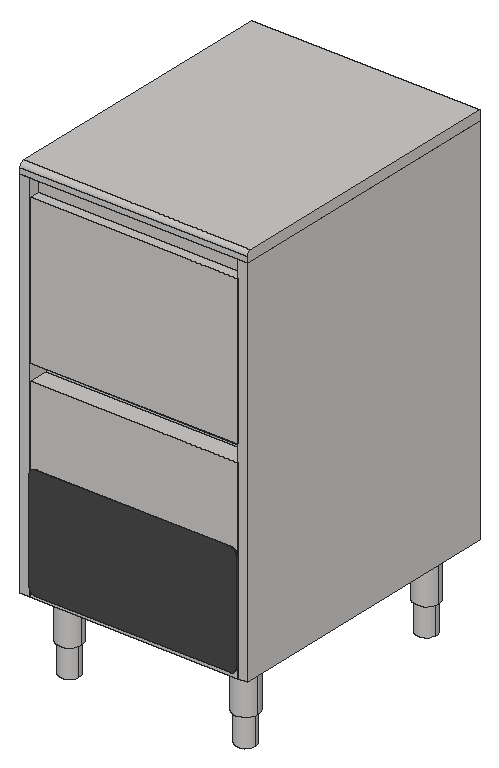
Revit family "QF_ELECTROLUXPROFESSIONAL_730320_ICB37I20SDP", category Attrezzature speciali, Revit 2018
Family settings
  Quota connettore circolare = Usa diametro
  Tipo di parte = Normale
  Basato su piano di lavoro = No
  Sempre verticale = Sì
  Taglio con vuoti quando caricato = No
  Condiviso = No
  Punto di calcolo locali = No
Parameters (values of type "Standard")
  Weight = 45.00 kg
  Watts = 1000 W
  Volts = 220 V
  URL Manufacturer = "https://www.electroluxprofessional.com/"
  URL = "https://www.electroluxprofessional.com/"
  Steam Supply Size = 0 mm
  Steam Supply Minimum Pressure = 0.0 Pa
  Steam Supply Maximum Pressure = 0.0 Pa
  Steam Pounds per Hour = 0
  Show Logo [instance] = yes
  Show Clearance [instance] = yes
  Refrigeration Suction Line Size = 0 mm
  Refrigeration Liquid Line Size = 0 mm
  Refrigerant Compressor Remote = yes
  Produttore = "Electrolux Professional"
  Phase = 1
  Modello = "ICB37I20SDP"
  Length Actual = 465 mm  # constant formula
  Item Number = "730320"
  Hot Water Size = 0 mm
  Height Actual = 894 mm  # constant formula
  HP = "1.3 HP"
  Gas Size = 0 mm
  Gas KW = 0
  Gas Input Pressure = 0 W
  Descrizione = "AIR COOLED ICE CUBER 22GR 37KG/24H-BIN 20KG DRAIN PUMP"
  Depth Actual = 595 mm  # constant formula
  Cycle = 50 Hz
  Condensate Return Size = 0 mm
  Compressed Air Volume = 0.0 L/s
  Compressed Air Size = 0 mm
  Compressed Air Pressure = 0.0 Pa
  Cold Water Size = 19.05 mm
  Accessory = yes
Reference planes
  plane 1 "Center X": y = 272.851
  plane 2: z = 0
  plane 3 "Center Y": x = -501.5
  plane 4 "LEFT": x = -734
  plane 5 "RIGHT": x = -269
  plane 6 "FRONT": y = -24.149
  plane 7 "BACK": y = 569.851
  plane 8: z = 155
  plane 9: z = 944
  plane 10: z = 924
  plane 11: x = -714
  plane 12: x = -289
  plane 13: y = 15.851
Forms (mm)
  Extrusion 1, solid, material "QF_Finishes_Black"
    sketch origin (-217.296, -24.149, 371.513) x (-1, 0, 0) y (0, 0, -1)
      loop
        arc (481.704, -21.487) -> (492.311, -17.093) -> (496.704, -6.487) r 15
        line (496.704, -6.487) -> (496.704, 194.469)
        arc (496.704, 194.469) -> (492.311, 205.075) -> (481.704, 209.469) r 15
        line (481.704, 209.469) -> (86.704, 209.469)
        arc (86.704, 209.469) -> (76.097, 205.075) -> (71.704, 194.469) r 15
        line (71.704, 194.469) -> (71.704, -6.487)
        arc (71.704, -6.487) -> (76.097, -17.093) -> (86.704, -21.487) r 15
        line (86.704, -21.487) -> (481.704, -21.487)
    from 0 to 2
  Extrusion 2, solid, material "QF_Finishes_Stainless Steel"
    sketch origin (-501.5, 0, 0) x (0, 1, 0) y (0, 0, 1)
      loop
        line (569.851, 924) -> (569.851, 944) -> (-14.149, 944)
        arc (-14.149, 944) -> (-21.22, 941.071) -> (-24.149, 934) r 10
        line (-24.149, 934) -> (-24.149, 924) -> (569.851, 924)
    from -232.5 to 232.5
  Extrusion 3, solid, material "QF_Finishes_Stainless Steel"
    sketch origin (-321.2, 569.851, -329.545) x (1, 0, 0) y (0, 0, -1)
      loop
        circle (-16.8, -655.545) r 10
    from 0 to 10
  Extrusion 4, solid, material "QF_Finishes_Stainless Steel"
    sketch origin (0, 0, 0) x (1, 0, 0) y (0, 1, 0)
      loop
        line (-734, 569.851) -> (-734, -24.149) -> (-714, -24.149) -> (-714, 569.851) -> (-734, 569.851)
    from 155 to 924
  Extrusion 5, solid, material "QF_Finishes_Stainless Steel"
    sketch origin (0, 0, 0) x (1, 0, 0) y (0, 1, 0)
      loop
        line (-289, 569.851) -> (-289, -24.149) -> (-269, -24.149) -> (-269, 569.851) -> (-289, 569.851)
    from 155 to 924
  Extrusion 6, solid, material "QF_Finishes_Stainless Steel"
    sketch origin (0, 0, 0) x (1, 0, 0) y (0, 1, 0)
      loop
        line (-714, 569.851) -> (-714, 15.851) -> (-289, 15.851) -> (-289, 569.851) -> (-714, 569.851)
    from 155 to 924
  Extrusion 7, solid, material "QF_Finishes_Stainless Steel"
    sketch origin (0, 0, 0) x (1, 0, 0) y (0, 1, 0)
      loop
        line (-714, -24.149) -> (-289, -24.149) -> (-289, 15.851) -> (-714, 15.851) -> (-714, -24.149)
    from 155 to 550.848
  Extrusion 8, solid, material "QF_Finishes_Stainless Steel"
    sketch origin (-501.5, 0, 0) x (0, 1, 0) y (0, 0, 1)
      loop
        line (15.851, 924) -> (-4.149, 924) -> (-4.149, 888) -> (-24.149, 888) -> (-24.149, 584.768) -> (-4.149, 584.768) -> (-4.149, 569) -> (15.851, 569) -> (15.851, 924)
    from -212.5 to 212.5
  Extrusion 9, solid, material "QF_Finishes_Stainless Steel"
    sketch origin (-303.2, 569.851, -440.545) x (1, 0, 0) y (0, 0, -1)
      loop
        circle (-16.8, -655.545) r 10
    from 0 to 10
  Extrusion 10, solid, material "QF_Finishes_Stainless Steel"
    sketch origin (-363.2, 569.851, -361.545) x (1, 0, 0) y (0, 0, -1)
      loop
        circle (-16.8, -655.545) r 10
    from 0 to 10
Lines and regions (mm)
  Split face 1
    outline origin (-501.5, -4.149, 924) x (0, 0, -1) y (1, 0, 0)
      loop
        line (5.715, 89.928) -> (30.715, 89.928) -> (30.715, 129.928) -> (5.715, 129.928) -> (5.715, 89.928)
  symbolic lines
    curve 1: line (-734, 569.851, 0) -> (-269, 569.851, 0)
    curve 2: line (-734, -24.149, 0) -> (-734, 569.851, 0)
    curve 3: line (-269, -24.149, 0) -> (-734, -24.149, 0)
    curve 4: line (-269, 569.851, 0) -> (-269, -24.149, 0)
Dimensions and locks
  equal spacing: plane 4 "LEFT", plane 3 "Center Y", plane 5 "RIGHT"
  plane 4 "LEFT" to plane 5 "RIGHT" = 465 mm
  equal spacing: plane 7 "BACK", plane 1 "Center X", plane 6 "FRONT"
  plane 7 "BACK" to plane 6 "FRONT" = 594 mm
  plane 8 to plane 2 = 155 mm
  plane 9 to plane 8 = 789 mm
  locked: plane 4 "LEFT" to plane 11 at 20
  locked: plane 12 to plane 5 "RIGHT" at 20
  locked: plane 9 to plane 10 at 20
  locked: plane 13 to plane 6 "FRONT" at 40
  aligned and locked: level to plane 2
  aligned and locked: plane 5 "RIGHT" to Extrusion 2
  aligned and locked: Extrusion 2 to plane 4 "LEFT"
  aligned and locked: Extrusion 4 sketch curve to Extrusion 2  (x2)
  aligned and locked: plane 6 "FRONT" to Extrusion 4 sketch curve
  aligned and locked: Extrusion 4 sketch curve to plane 11
  aligned and locked: Extrusion 5 sketch curve to plane 7 "BACK"
  aligned and locked: plane 12 to Extrusion 5 sketch curve
  aligned and locked: Extrusion 5 sketch curve to Extrusion 2  (x2)
  aligned and locked: plane 10 to Extrusion 4
  aligned and locked: plane 10 to Extrusion 5
  aligned and locked: Extrusion 4 to plane 8
  aligned and locked: Extrusion 5 to plane 8
  aligned and locked: Extrusion 6 sketch curve to Extrusion 4
  aligned and locked: Extrusion 4 to Extrusion 6 sketch curve
  aligned and locked: plane 13 to Extrusion 6 sketch curve
  aligned and locked: Extrusion 6 sketch curve to plane 12
  aligned and locked: plane 10 to Extrusion 6
  aligned and locked: Extrusion 6 to plane 8
  aligned and locked: Extrusion 4 to Extrusion 7 sketch curve
  aligned and locked: Extrusion 7 sketch curve to Extrusion 4
  aligned and locked: plane 13 to Extrusion 7 sketch curve
  aligned and locked: plane 12 to Extrusion 7 sketch curve
  aligned and locked: Extrusion 7 to plane 8
  aligned and locked: plane 12 to Extrusion 8
  aligned and locked: Extrusion 8 to plane 11
Automatic sketch dimensions
  curve 3 to plane 4 "LEFT" = 0 mm
  curve 3 to plane 5 "RIGHT" = 0 mm
  curve 3 to plane 6 "FRONT" = 0 mm
  curve 2 to plane 7 "BACK" = 0 mm
  Extrusion 1 sketch curve to plane 12 = 0 mm
  plane 8 to Extrusion 1 sketch curve = 7.044 mm
  Extrusion 1 sketch curve to Extrusion 1 sketch curve = 15 mm  (x3)
  plane 11 to Extrusion 1 sketch curve = 15 mm  (x2)
  Extrusion 1 sketch curve to Extrusion 1 sketch curve = 200.956 mm
  Extrusion 2 sketch curve to plane 6 "FRONT" = 0 mm
  Extrusion 2 sketch curve to plane 9 = 0 mm
  Extrusion 2 sketch curve to plane 7 "BACK" = 0 mm
  Extrusion 2 sketch curve to plane 10 = 0 mm
  plane 6 "FRONT" to Extrusion 2 sketch curve = 10 mm
  Extrusion 6 to Extrusion 3 sketch curve = 171 mm
  Extrusion 3 sketch curve to Extrusion 6 = 49 mm
  Extrusion 8 sketch curve to plane 6 "FRONT" = 0 mm
  Extrusion 8 sketch curve to plane 10 = 0 mm
  Extrusion 8 sketch curve to plane 13 = 0 mm
  plane 6 "FRONT" to Extrusion 8 sketch curve = 20 mm  (x2)
  Extrusion 8 sketch curve to plane 10 = 36 mm
  Extrusion 8 sketch curve to Extrusion 8 sketch curve = 303.232 mm
  Extrusion 8 sketch curve to Extrusion 8 sketch curve = 15.768 mm
  Split face 1 sketch curve to Extrusion 8 = 5.715 mm
  Extrusion 8 to Split face 1 sketch curve = 5.285 mm
  Split face 1 sketch curve to Extrusion 8 = 122.572 mm
  Split face 1 sketch curve to Split face 1 sketch curve = 40 mm
  Extrusion 9 sketch curve to Extrusion 6 = 31 mm
  Extrusion 6 to Extrusion 9 sketch curve = 60 mm
  Extrusion 10 sketch curve to Extrusion 6 = 91 mm
  Extrusion 6 to Extrusion 10 sketch curve = 139 mm
  radius of Extrusion 3 sketch curve = 10 mm
  radius of Extrusion 9 sketch curve = 10 mm
  radius of Extrusion 10 sketch curve = 10 mm
Nested families
  nested 1: "Foot_Complete" at (-682, 36.851, 0), type "Foot_Complete"
    with H 155 mm
  nested 2: "Foot_Complete" at (-321, 36.851, 0) x (-1, 0, 0) z (0, 0, 1), type "Foot_Complete"
    with H 155 mm
  nested 3: "Foot_Complete" at (-682, 498.851, 0), type "Foot_Complete"
    with H 155 mm
  nested 4: "Foot_Complete" at (-321, 498.851, 0) x (-1, 0, 0) z (0, 0, 1), type "Foot_Complete"
    with H 155 mm
Connectors
  electrical at (-320, 579.851, 215), driven by "Volts"
    settings: on Extrusion 9, index 1, voltage 220 V, apparent load 0 VA, apparent load phase1 0 VA, apparent load phase2 0 VA, apparent load phase3 0 VA, power factor 1, load classification "Altro", number of poles 1, system type 30, power factor state 1, is connector primary yes, connector utility no, sub classification motor no, connector description "Electrical Connection"
  piping at (-338, 579.851, 326), diameter 20
    settings: on Extrusion 3, index 2, connector inside diameter 609.6 mm, connector length 0 mm, flow factor 0, pipe flow 0.0 L/s, pressure drop 0.0 Pa, fitting loss kfactor 0, connector angle 0.00°, fixture units 0, engagement length 0 mm, angle of deflection 0.00°, flow configuration 0, flow direction 0, fitting loss method 0, system type 20, joint type 0, gender type 0, connector reference index -1, connector utility 0, adjustable connector no, is connector primary yes, connector description "Cold water"
  piping at (-380, 579.851, 294), diameter 20
    settings: on Extrusion 10, index 3, connector inside diameter 609.6 mm, connector length 0 mm, flow factor 0, pipe flow 0.0 L/s, pressure drop 0.0 Pa, fitting loss kfactor 0, connector angle 0.00°, fixture units 0, engagement length 0 mm, angle of deflection 0.00°, flow configuration 0, flow direction 0, fitting loss method 0, system type 16, joint type 0, gender type 0, connector reference index -1, connector utility 0, adjustable connector no, is connector primary no, connector description "Drain"
Definition of nested family "Foot_Complete"
  Parameters (values of type "Foot_Complete")
    R = 25 mm
    H = 153 mm
  Reference planes
    plane 1 "Centro (Fronte/Retro)": y = 0
    plane 2: z = 0
    plane 3 "Centro (Sinistra/Destra)": x = 0
    plane 4: z = 153
  Forms (mm)
    Revolve 1, solid
      sketch origin (255.05, 0, 608.09) x (0, 0, 1) y (-1, 0, 0)
        loop
          line (-608.09, 255.05) -> (-608.09, 235.05) -> (-548.09, 235.05) -> (-548.09, 230.05) -> (-455.09, 230.05) -> (-455.09, 255.05) -> (-608.09, 255.05)
        axis (-608.09, 255.05) -> (-455.09, 255.05)
      angle from 0 to 360
  Dimensions and locks
    level to Revolve 1 sketch curve = 60 mm
    "R": Revolve 1 sketch curve to plane 3 "Centro (Sinistra/Destra)"
    "H": plane 4 to level
    aligned and locked: level to plane 2
    aligned and locked: plane 4 to Revolve 1 sketch curve
    aligned and locked: Revolve 1 sketch curve to level
    aligned and locked: plane 3 "Centro (Sinistra/Destra)" to Revolve 1 sketch curve
  Automatic sketch dimensions
    Revolve 1 sketch curve to plane 3 "Centro (Sinistra/Destra)" = 0 mm
    plane 3 "Centro (Sinistra/Destra)" to Revolve 1 sketch curve = 20 mm
    Revolve 1 sketch curve to Revolve 1 sketch curve = 50 mm
    Revolve 1 sketch curve to Revolve 1 sketch curve = 20 mm
